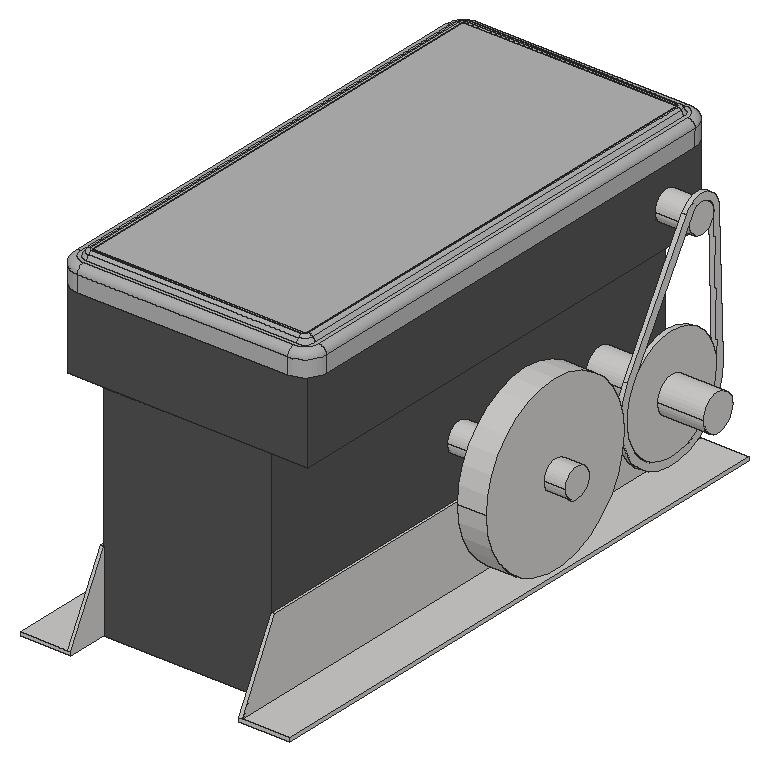
Revit family "DoorOperator_OverheadDoor_RMX", category Generic Models, Revit 2026
Family settings
  Can host rebar = No
  Round Connector Dimension = Use Diameter
  Part Type = Normal
  Classification Number = 23.30.40.11.34
  Work Plane-Based = Yes
  Always vertical = No
  Cut with Voids When Loaded = No
  Maintain Annotation Orientation = No
  Shared = No
  Room Calculation Point = No
Parameters (values of type "Sectional Door - 160 - 1/2HP")
  URL = "http://www.overheaddoor.com/"
  Specification = "https://www.arcat.com/company/overhead-door-corporation-34626/spec"
  SpecWizard = "https://www.arcat.com/company/overhead-door-corporation-34626/sw"
  Product Data = "http://www.arcat.com/arcatcos/cos34/arc34626.html"
  Model = "RMX"
  Manufacturer = "Overhead Door Corporation"
  Keynote = "08 71 13"
  Green Building-LEED = "https://www.arcat.com/company/overhead-door-corporation-34626/leed"
  Description = "Overhead Door Corporation Overhead Door Operator Model RMX"
  Default Elevation = 4' - 0"
  Copyright = "2021, ARCAT, Inc."
  Construction Details = "https://www.arcat.com/company/overhead-door-corporation-34626/cad"
  Assembly Code = "B2030410"
Types (36): name
  Rolling Steel Door - 671 - 1/2HP
  Rolling Steel Door - 670 - 1/2HP
  Rolling Steel Door - 650/651/652 - 1/2HP
  Rolling Steel Door - 640/641 - 1/2HP
  Rolling Steel Door - 630/631/634 18ga - 1/2HP
  Rolling Steel Door - 630/631/634 20ga - 1/2HP
  Rolling Steel Door - 630/631/634 22ga - 1/2HP
  Rolling Steel Door - 630/631/634 24ga - 1/2HP
  Rolling Steel Door - 635 22ga - 1/2HP
  Rolling Steel Door - 635 24ga - 1/2HP
  Rolling Steel Door - 625 18ga - 1/2HP
  Rolling Steel Door - 625 20ga - 1/2HP
  Rolling Steel Door - 625 22ga - 1/2HP
  Rolling Steel Door - 625 24ga - 1/2HP
  Rolling Steel Door - 610/620 18ga - 1/2HP
  Rolling Steel Door - 610/620 20ga - 1/2HP
  Rolling Steel Door - 610/620 22ga - 1/2HP
  Rolling Steel Door - 610 - 1/2HP
  Rolling Steel Door - 600 - 1/2HP
  Sectional Door - 521 - 1/2HP
  Sectional Door - 511 - 1/2HP
  Sectional Door - 599 - 1/2HP
  Sectional Door - 598 - 1/2HP
  Sectional Door - 596 - 1/2HP
  Sectional Door - 594 - 1/2HP
  Sectional Door - 593 - 1/2HP
  Sectional Door - 592 - 1/2HP
  Sectional Door - 591 - 1/2HP
  Sectional Door - 432 - 1/2HP
  Sectional Door - 430 - 1/2HP
  Sectional Door - 426 - 1/2HP
  Sectional Door - 424 - 1/2HP
  Sectional Door - 422 - 1/2HP
  Sectional Door - 420 - 1/2HP
  Sectional Door - 418 - 1/2HP
  Sectional Door - 160 - 1/2HP
Reference planes (in)
  plane 1 "Center (Front/Back)": y = 0
  plane 2 "Bottom": z = 0
  plane 3 "Center (Left/Right)": x = 0
  plane 4 "Front": y = -8.65039
  plane 5 "Back": y = 8.65039
  plane 6 "Left": x = -4.34375
  plane 7 "Right": x = 4.34375
  plane 8 "Top": z = 0
  plane 9: x = -6.9375
  plane 10: x = 6.9375
  plane 11: y = 5.65039
  plane 12: z = 11.40625
Forms (in)
  Extrusion 1, solid, material "Metal - Steel - Overhead Door - Painted - Gray"
    sketch origin (-11.06304, -180, 11.40625) x (-1, 0, 0) y (0, -1, 0)
      loop
        line (-14.67241, -187.97855) -> (-7.45366, -187.97855)
        arc (-7.45366, -187.97855) -> (-7.40947, -187.96024) -> (-7.39116, -187.91605) r 0.0625
        line (-7.39116, -187.91605) -> (-7.39116, -172.08398)
        arc (-7.39116, -172.08398) -> (-7.40947, -172.03979) -> (-7.45366, -172.02148) r 0.0625
        line (-7.45366, -172.02148) -> (-14.67241, -172.02148)
        arc (-14.67241, -172.02148) -> (-14.71661, -172.03979) -> (-14.73491, -172.08398) r 0.0625
        line (-14.73491, -172.08398) -> (-14.73491, -187.91605)
        arc (-14.73491, -187.91605) -> (-14.71661, -187.96024) -> (-14.67241, -187.97855) r 0.0625
    from -1 to 0
  Sweep 2, solid, material "Metal - Steel - Overhead Door - Painted - Gray"
    path in 3D
      loop
        arc (-3.67187, -7.91602, 11.40625) -> (-3.65357, -7.96021, 11.40625) -> (-3.60937, -7.97852, 11.40625) r 0.0625
        line (-3.60937, -7.97852, 11.40625) -> (3.60938, -7.97852, 11.40625)
        arc (3.60938, -7.97852, 11.40625) -> (3.65357, -7.96021, 11.40625) -> (3.67188, -7.91602, 11.40625) r 0.0625
        line (3.67188, -7.91602, 11.40625) -> (3.67188, 7.91605, 11.40625)
        arc (3.67188, 7.91605, 11.40625) -> (3.65357, 7.96024, 11.40625) -> (3.60938, 7.97855, 11.40625) r 0.0625
        line (3.60938, 7.97855, 11.40625) -> (-3.60937, 7.97855, 11.40625)
        arc (-3.60937, 7.97855, 11.40625) -> (-3.65357, 7.96024, 11.40625) -> (-3.67187, 7.91605, 11.40625) r 0.0625
        line (-3.67187, 7.91605, 11.40625) -> (-3.67187, -7.91602, 11.40625)
    profile origin (-3.67187, 0.00002, 11.40625) x (1, 0, 0) y (0, 0, 1)
      loop
        line (0, 0) -> (-0.0664, 0)
        arc (-0.0664, 0) -> (-0.1368, -0.01723) -> (-0.19129, -0.06501) r 0.15246
        line (-0.19129, -0.06501) -> (-0.28537, -0.19937) -> (-0.42184, -0.19937)
        arc (-0.42184, -0.19937) -> (-0.59862, -0.2726) -> (-0.67184, -0.44937) r 0.25
        line (-0.67184, -0.44937) -> (-0.67184, -1) -> (0, -1) -> (0, 0)
  Extrusion 3, solid, material "Metal - Steel - Overhead Door - Painted - Black"
    sketch origin (0, 0, -0.85547) x (1, 0, 0) y (0, 1, 0)
      loop
        line (-4.125, 8.43164) -> (-4.125, -8.43164) -> (4.125, -8.43164) -> (4.125, 8.43164) -> (-4.125, 8.43164)
    from 8.5 to 11.25
  Extrusion 4, solid, material "Metal - Stainless Steel - Overhead Door - Brushed"
    sketch origin (-6.9375, 21.65625, 47.14453) x (0, 1, 0) y (0, 0, 1)
      loop
        circle (-22.05664, -42.5106) r 0.5
    from 0 to 13.875
  Extrusion 5, solid, material "Metal - Stainless Steel - Overhead Door - Brushed"
    sketch origin (6.9375, 26.98105, 47.14453) x (0, 1, 0) y (0, 0, 1)
      loop
        circle (-27.38144, -42.5106) r 2.94
    from -0.75 to -1.75
  Extrusion 6, solid, material "Metal - Stainless Steel - Overhead Door - Brushed"
    sketch origin (0, 0, -0.85547) x (0, 1, 0) y (0, 0, 1)
      loop
        circle (5.65039, 5) r 0.625
    from -6.9375 to 6.9375
  Extrusion 7, solid, material "Metal - Stainless Steel - Overhead Door - Brushed"
    sketch origin (4.34375, 0, -0.85547) x (0, 1, 0) y (0, 0, 1)
      loop
        circle (5.65039, 5) r 1.94
    from 0.84375 to 1
  Extrusion 8, solid, material "Metal - Steel - Overhead Door - Painted - Black"
    sketch origin (0, 0, -0.85547) x (1, 0, 0) y (0, 1, 0)
      loop
        line (-2.875, 8.43164) -> (-2.875, -8.43164) -> (2.875, -8.43164) -> (2.875, 8.43164) -> (-2.875, 8.43164)
    from 8.5 to 0.85547
  Extrusion 9, solid, material "Metal - Stainless Steel - Overhead Door - Brushed"
    sketch origin (0, 1.2941, 3.97416) x (0, 1, 0) y (0, 0, 1)
      loop
        circle (5.65039, 5.01172) r 0.5
    from 0 to 5.34375
  Extrusion 10, solid, material "Metal - Stainless Steel - Overhead Door - Brushed"
    sketch origin (4.34375, 0, -0.85547) x (0, 1, 0) y (0, 0, 1)
      loop
        arc (3.78748, 6.15137) -> (5.084, 2.88451) -> (7.83938, 5.06654) r 2.19
        line (7.83938, 5.06654) -> (7.69426, 9.85212)
        arc (7.69426, 9.85212) -> (7.14596, 10.57293) -> (6.30495, 10.23692) r 0.74795
        line (6.30495, 10.23692) -> (3.78748, 6.15137)
      loop
        arc (4.00014, 6.01994) -> (5.14866, 3.126) -> (7.58949, 5.05895) r 1.94
        line (7.58949, 5.05895) -> (7.44425, 9.8487)
        arc (7.44425, 9.8487) -> (7.08016, 10.33174) -> (6.51857, 10.10703) r 0.49795
        line (6.51857, 10.10703) -> (4.00014, 6.01994)
    from 0.84375 to 1
Lines and regions (in)
  sketch lines
    curve 1: line (-3.67187, 7.91605, 11.40625) -> (-3.67187, -7.91602, 11.40625)
    curve 2: arc (-3.60937, -7.97852, 11.40625) -> (-3.65357, -7.96021, 11.40625) -> (-3.67187, -7.91602, 11.40625) r 0.0625
    curve 3: line (-3.60937, -7.97852, 11.40625) -> (3.60938, -7.97852, 11.40625)
    curve 4: arc (3.67188, -7.91602, 11.40625) -> (3.65357, -7.96021, 11.40625) -> (3.60938, -7.97852, 11.40625) r 0.0625
    curve 5: line (3.67188, -7.91602, 11.40625) -> (3.67188, 7.91605, 11.40625)
    curve 6: arc (3.60938, 7.97855, 11.40625) -> (3.65357, 7.96024, 11.40625) -> (3.67188, 7.91605, 11.40625) r 0.0625
    curve 7: line (3.60938, 7.97855, 11.40625) -> (-3.60937, 7.97855, 11.40625)
    curve 8: arc (-3.67187, 7.91605, 11.40625) -> (-3.65357, 7.96024, 11.40625) -> (-3.60937, 7.97855, 11.40625) r 0.0625
Dimensions and locks (in)
  equal spacing: plane 6 "Left", plane 3 "Center (Left/Right)", plane 7 "Right"
  locked: plane 6 "Left" to plane 7 "Right" at 8.6875
  equal spacing: plane 5 "Back", plane 1 "Center (Front/Back)", plane 4 "Front"
  locked: plane 5 "Back" to plane 4 "Front" at 17.30078
  equal spacing: plane 9, plane 3 "Center (Left/Right)", plane 10
  plane 9 to plane 10 = 1' - 1 7/8"
  locked: plane 5 "Back" to plane 11 at 3
  locked: plane 12 to level at 11.40625
  aligned and locked: level to plane 8 "Top"
  aligned and locked: plane 12 to Extrusion 1
  aligned and locked: plane 3 "Center (Left/Right)" to nested 1
Automatic sketch dimensions
  Extrusion 1 sketch curve to plane 7 "Right" = 0' - 0 43/64"
  Extrusion 1 sketch curve to Extrusion 1 sketch curve = 0' - 0 1/16"  (x3)
  plane 6 "Left" to Extrusion 1 sketch curve = 0' - 0 47/64"  (x2)
  Extrusion 1 sketch curve to plane 5 "Back" = 0' - 0.67184"
  plane 4 "Front" to Extrusion 1 sketch curve = 0' - 0 47/64"
  Sweep 2 sketch curve to profile plane = 0' - 0"  (x2)
  profile plane to Sweep 2 sketch curve = 0' - 0 17/256"
  Sweep 2 sketch curve to profile plane = 0' - 0.06501"
  Sweep 2 sketch curve to Sweep 2 sketch curve = 0' - 0.12489"
  Sweep 2 sketch curve to Sweep 2 sketch curve = 0' - 0.09408"
  Sweep 2 sketch curve to Sweep 2 sketch curve = 0' - 0.13647"
  Sweep 2 sketch curve to Sweep 2 sketch curve = 0' - 0 1/4"
  Sweep 2 sketch curve to Sweep 2 sketch curve = 0' - 0.13436"
  Sweep 2 sketch curve to Sweep 2 sketch curve = 0' - 0.55063"
  plane 6 "Left" to Extrusion 3 sketch curve = 0' - 0 7/32"
  Extrusion 3 sketch curve to plane 7 "Right" = 0' - 0 7/32"
  plane 4 "Front" to Extrusion 3 sketch curve = 0' - 0 7/32"
  Extrusion 3 sketch curve to plane 5 "Back" = 0' - 0 7/32"
  plane 1 "Center (Front/Back)" to Extrusion 4 sketch curve = 0' - 0.40039"
  level to Extrusion 4 sketch curve = 0' - 4.63393"
  plane 1 "Center (Front/Back)" to Extrusion 5 sketch curve = 0' - 0.40039"
  level to Extrusion 5 sketch curve = 0' - 4.63393"
  Extrusion 6 sketch curve to plane 11 = 0' - 0"
  level to Extrusion 6 sketch curve = 0' - 4 37/256"
  Extrusion 7 sketch curve to plane 11 = 0' - 0"
  level to Extrusion 7 sketch curve = 0' - 4 37/256"
  plane 4 "Front" to Extrusion 8 sketch curve = 0' - 0 7/32"
  plane 6 "Left" to Extrusion 8 sketch curve = 0' - 1 15/32"
  Extrusion 8 sketch curve to plane 7 "Right" = 0' - 1 15/32"
  Extrusion 8 sketch curve to plane 5 "Back" = 0' - 0 7/32"
  Extrusion 9 sketch curve to plane 11 = 0' - 1.2941"
  Extrusion 9 sketch curve to plane 12 = 0' - 2.42037"
  Extrusion 10 sketch curve to Extrusion 10 sketch curve = 0' - 0"  (x4)
  Extrusion 10 sketch curve to plane 11 = 0' - 0"
  plane 11 to Extrusion 10 sketch curve = 0' - 1.65025"
  Extrusion 10 sketch curve to Extrusion 10 sketch curve = 0' - 0.00026"  (x2)
  Extrusion 10 sketch curve to Extrusion 10 sketch curve = 0' - 0.2124"
  Extrusion 10 sketch curve to plane 11 = 0' - 0.65456"
  Extrusion 10 sketch curve to Extrusion 10 sketch curve = 0' - 0.21362"
  Extrusion 10 sketch curve to Extrusion 10 sketch curve = 0' - 0.42775"
  Extrusion 10 sketch curve to Extrusion 10 sketch curve = 0' - 0.49793"
  Extrusion 10 sketch curve to plane 5 "Back" = 0' - 1.0609"
  Extrusion 10 sketch curve to Extrusion 10 sketch curve = 0' - 0 1/4"
  Extrusion 10 sketch curve to Extrusion 10 sketch curve = 0' - 0.24988"
  level to Extrusion 10 sketch curve = 0' - 4 37/256"
  Extrusion 10 sketch curve to Extrusion 10 sketch curve = 0' - 0.05895"
  Extrusion 10 sketch curve to Extrusion 10 sketch curve = 0' - 0.0076"
  Extrusion 10 sketch curve to Extrusion 10 sketch curve = 0' - 0.00016"  (x2)
  Extrusion 10 sketch curve to plane 12 = 0' - 2.41301"
  Extrusion 10 sketch curve to Extrusion 10 sketch curve = 0' - 0.00341"
  radius of Extrusion 4 sketch curve = 0' - 0 1/2"
  radius of Extrusion 5 sketch curve = 0' - 2.94"
  radius of Extrusion 6 sketch curve = 0' - 0 5/8"
  radius of Extrusion 7 sketch curve = 0' - 1.94"
  radius of Extrusion 9 sketch curve = 0' - 0 1/2"
Nested families (in)
  nested 1: "OperatorMount_Rolling_Overhead_Bracket-RMX" at (0, 0, 0), type "OperatorMount_Rolling_Overhead_Bracket-RMX"
    with offset 0' - 0"
Connectors (in)
  electrical at (0, 0, 0), driven by "Description"
    settings: index 1, voltage 0 V, apparent load 0 VA, apparent load phase1 0 VA, apparent load phase2 0 VA, apparent load phase3 0 VA, power factor 1, load classification "Power", number of poles 1, system type 31, power factor state 1, is connector primary yes, connector utility no, sub classification motor no, connector description "Overhead Door Corporation Overhead Door Operator Model RMX"
Definition of nested family "OperatorMount_Rolling_Overhead_Bracket-RMX"
  Parameters
    offset [instance] = 0' - 0"
    Warranty Duration (Years) = 0
    Voltage_MEP = 0 V
    Unit Width = 0' - 9 1/4"
    Unit Height = 0' - 2 3/4"
    Unit Depth = 1' - 7 11/16"
    URL = "http://www.overheaddoor.com/"
    Test Data = "http://www.overheaddoor.com/ArchitectsCorner/Pages/certified-testing-lab.aspx"
    Specification = "http://www.arcat.com/sdspecs/htm/08734ohd.htm"
    SpecWizard = ""
    Send Message = "http://www.arcat.com/users.pl?action=UserEmail&company=Overhead%20Door%20Corporation&coid=34626&rep=108&fax=972-906-1499&mf="
    Sales Information = "http://www.overheaddoor.com/FindADistributor.aspx"
    Revision = "R1_10-2010"
    Product Properties = "http://www.arcat.com/bim/bim_info.pl?fn=OverheadDoor"
    Product Data = "http://www.arcat.com/arcatcos/cos34/arc34626.html"
    Model = "As Specified in 08 71 13"
    Maximum Door Weight = "As Specified in 08 71 13"
    Maximum Door Size = 0.00 SF
    Material = none
    Manufacturer Website = "http://www.overheaddoor.com/"
    Manufacturer Phone - Toll Free = "800-929-3667"
    Manufacturer Phone = "469-549-7100"
    Manufacturer Fax = "972-906-1499"
    Manufacturer Address = "2501 S. State Highway 121 Bus., Suite 200, Lewisville, TX 75067"
    Manufacturer = "Overhead Door Corporation"
    Maintenance Schedule (Months) = 0
    MEP Apparent Power = MEP Amperage * Voltage_MEP  # 0 VA
    MEP Amperage = 0 A
    Keynote = "08 71 13"
    Installation-Fabrication = "http://www.overheaddoor.com/commercial-door-operators/Pages/commercial-operator-brochures.aspx"
    Installation Phase = ""
    Green Building-LEED = "http://www.arcat.com/green/clients/leed_data_34626.html"
    Expected Lifespan (Years) = 0
    Electric Motor = "As Specified in 08 71 13"
    Drawn By = "Sumex Design, Inc. / Robert S. Weygant, CSI, CDT, SCIP"
    Description = "Door Operator as Specified in 08 71 13"
    Default Elevation = 4' - 0"
    Copyright = "©Arcat Inc."
    Construction Details = "http://www.overheaddoor.com/Architect-Drawings.aspx"
    Assembly Code = "B2030410"
  Reference planes (in)
    plane 1 "Center (Front/Back)": y = 0
    plane 2 "Bottom": z = 0
    plane 3 "Center (Left/Right)": x = 0
    plane 4 "Front": y = -9.84375
    plane 5 "Back": y = 9.84375
    plane 6 "Top": z = 0
    plane 7: x = 4.625
    plane 8: x = -4.625
    plane 9: z = 2.75
    plane 10: z = 0.85547
  Forms (in)
    Extrusion 1, solid, material <- "Material"
      sketch origin (0, 0, 0) x (1, 0, 0) y (0, 0, 1)
        loop
          line (3, 2.75) -> (2.875, 2.75) -> (2.875, 0) -> (4.625, 0) -> (4.625, 0.125) -> (3, 0.125) -> (3, 2.75)
      from -9.84375 to 9.84375
    Extrusion 2, solid, material <- "Material"
      sketch origin (0, 0, 0) x (-1, 0, 0) y (0, 0, -1)
        loop
          line (3, -2.75) -> (3, -0.125) -> (4.625, -0.125) -> (4.625, 0) -> (2.875, 0) -> (2.875, -2.75) -> (3, -2.75)
      from -9.84375 to 9.84375
    Extrusion 3, void
      sketch origin (0, 0, 0) x (0, 1, 0) y (0, 0, 1)
        loop
          line (8.43164, 2.75) -> (9.84375, 0.125) -> (10.34375, 0.125) -> (10.34375, 3.125) -> (8.43164, 3.125) -> (8.43164, 2.75)
      from -3.42782 to 4.84375
    Extrusion 4, void
      sketch origin (0, 0, 0) x (0, -1, 0) y (0, 0, -1)
        loop
          line (8.43164, -2.75) -> (8.43164, -3.125) -> (10.34375, -3.125) -> (10.34375, -0.125) -> (9.84375, -0.125) -> (8.43164, -2.75)
      from -3.42782 to 4.84375
  Cuts and joins
    Extrusion 3, Extrusion 4 cuts Extrusion 1
    Extrusion 3, Extrusion 4 cuts Extrusion 2
  Dimensions and locks (in)
    equal spacing: plane 5 "Back", plane 1 "Center (Front/Back)", plane 4 "Front"
    "Unit Depth": plane 5 "Back" to plane 4 "Front"
    equal spacing: plane 8, plane 3 "Center (Left/Right)", plane 7
    "Unit Width": plane 8 to plane 7
    "Unit Height": plane 9 to level
    aligned and locked: level to plane 6 "Top"
  Automatic sketch dimensions
    Extrusion 3 sketch curve to plane 5 "Back" = 0' - 1.41211"
    level to Extrusion 3 sketch curve = 0' - 0 1/8"
    Extrusion 3 sketch curve to plane 5 "Back" = 0' - 0"
    plane 5 "Back" to Extrusion 3 sketch curve = 0' - 0 1/2"
    level to Extrusion 3 sketch curve = 0' - 2 3/4"
    Extrusion 3 sketch curve to Extrusion 3 sketch curve = 0' - 0 3/8"
    Extrusion 4 sketch curve to plane 4 "Front" = 0' - 1.41211"
    Extrusion 4 sketch curve to level = 0' - 0 1/8"
    plane 4 "Front" to Extrusion 4 sketch curve = 0' - 0"
    plane 4 "Front" to Extrusion 4 sketch curve = 0' - 0 1/2"
    Extrusion 4 sketch curve to level = 0' - 2 3/4"
    Extrusion 4 sketch curve to Extrusion 4 sketch curve = 0' - 0 3/8"
    Extrusion 1 sketch curve to plane 9 = 0' - 0"
    Extrusion 1 sketch curve to level = 0' - 0"
    Extrusion 1 sketch curve to plane 7 = 0' - 0"
    level to Extrusion 1 sketch curve = 0' - 0 1/8"
    Extrusion 1 sketch curve to plane 7 = 0' - 1 5/8"
    Extrusion 1 sketch curve to Extrusion 1 sketch curve = 0' - 0 1/8"
    Extrusion 2 sketch curve to plane 9 = 0' - 0"
    Extrusion 2 sketch curve to level = 0' - 0"
    Extrusion 2 sketch curve to plane 8 = 0' - 0"
    Extrusion 2 sketch curve to level = 0' - 0 1/8"
    Extrusion 2 sketch curve to Extrusion 2 sketch curve = 0' - 1 5/8"
    Extrusion 2 sketch curve to Extrusion 2 sketch curve = 0' - 0 1/8"
